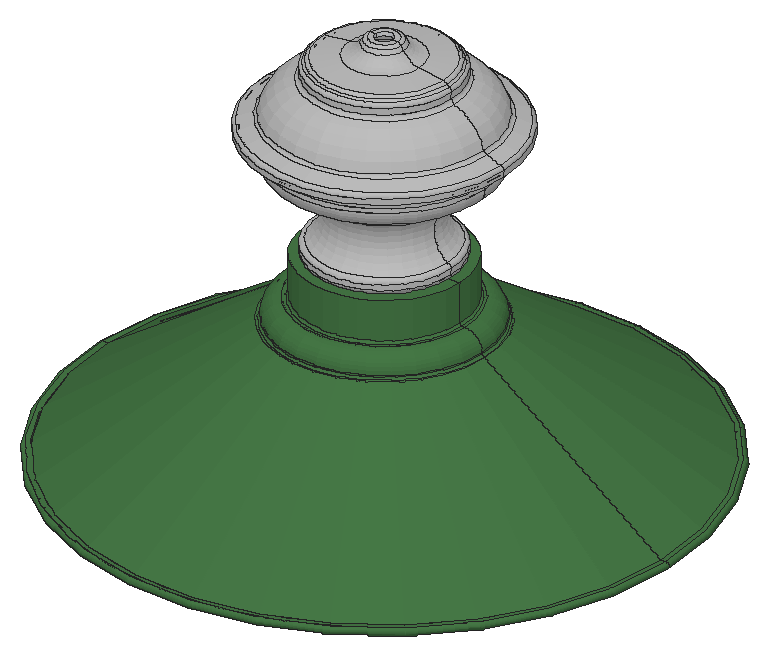
Revit family "B105 SHADE", category Lighting Fixtures, Revit 2024
Family settings
  Round Connector Dimension = Use Diameter
  Part Type = Normal
  OmniClass Number = 23.80.70.00
  OmniClass Title = Lighting
  Work Plane-Based = No
  Always vertical = Yes
  Cut with Voids When Loaded = No
  Light Source = Yes
  Maintain Annotation Orientation = No
  Shared = No
  Room Calculation Point = No
Parameters
  Wattage = 12.1178 W
  built-in parameter 1150110 = 1 (stored number, unit not read)
  built-in parameter 1114217 = 1 (stored number, unit not read)
  built-in parameter 1150109 = 1 (stored number, unit not read)
  built-in parameter 1150134 = (empty or 0)
  built-in parameter 1150113 = 1 (stored number, unit not read)
  Lumens = 1800 lm
  built-in parameter 1150115 = 1 (stored number, unit not read)
  built-in parameter 1150105 = 572.96 (stored number, unit not read)
  Light Source Symbol Size = 2' - 0"
  built-in parameter 1150137 = (empty or 0)
  built-in parameter 1150139 = (empty or 0)
  built-in parameter 1150112 = 1 (stored number, unit not read)
  built-in parameter 1150114 = 1 (stored number, unit not read)
  built-in parameter 1150132 = 2
  built-in parameter 1150102 = (empty or 0)
  built-in parameter 1150138 = (empty or 0)
  built-in parameter 1150107 = 3000 (stored number, unit not read)
  built-in parameter 1150106 = 5.7296 (stored number, unit not read)
  built-in parameter 1150104 = 13.8 (stored number, unit not read)
  Dimming Lamp Color Temperature Shift = (empty or 0)
  Default Elevation = 0' - 0"
  Color Filter = 16777215
  built-in parameter 1114218 = 1 (stored number, unit not read)
  built-in parameter 1150133 = 10 (stored number, unit not read)
Reference planes (in)
  plane 1 "Light Source Axis (F/B)": y = 0
  plane 2: z = 0
  plane 3 "Light Source Axis (L/R)": x = 0
  plane 4 "Light Source Elevation": z = 54
Forms (in)
  Revolve 1, solid
    sketch origin (0, 0, 1.25) x (1, 0, 0) y (0, 0, 1)
      loop
        arc (-2, 58.375) -> (-1.96339, 58.28661) -> (-1.875, 58.25) r 0.125
        line (-1.875, 58.25) -> (-0.25, 58.25) -> (-0.25, 58.34375) -> (-1.875, 58.34375)
        arc (-1.875, 58.34375) -> (-1.8971, 58.3529) -> (-1.90625, 58.375) r 0.03125
        line (-1.90625, 58.375) -> (-1.90625, 58.525)
        arc (-1.90625, 58.525) -> (-1.8888, 58.55304) -> (-1.85593, 58.54976) r 0.03125
        arc (-1.85593, 58.54976) -> (-1.4062, 59.36907) -> (-1.846, 60.19375) r 0.98199
        line (-1.846, 60.19375) -> (-1.91708, 60.19375)
        arc (-1.91708, 60.19375) -> (-1.93602, 60.20015) -> (-1.94721, 60.21672) r 0.03125
        arc (-1.94721, 60.21672) -> (-2.16544, 60.49052) -> (-2.5, 60.59375) r 0.59375
        arc (-2.5, 60.59375) -> (-2.78726, 60.71274) -> (-2.90625, 61) r 0.40625
        line (-2.90625, 61) -> (-2.90625, 61.125)
        arc (-2.90625, 61.125) -> (-3.04354, 61.45646) -> (-3.375, 61.59375) r 0.46875
        arc (-3.375, 61.59375) -> (-3.39892, 61.60489) -> (-3.40579, 61.63036) r 0.03125
        line (-3.40579, 61.63036) -> (-3.46875, 61.63036) -> (-3.46875, 61.6969)
        arc (-3.46875, 61.6969) -> (-3.46289, 61.71512) -> (-3.4475, 61.7265) r 0.03125
        line (-3.4475, 61.7265) -> (-3.03457, 61.86598)
        arc (-3.03457, 61.86598) -> (-2.9457, 61.92286) -> (-2.89379, 62.01472) r 0.21875
        arc (-2.89379, 62.01472) -> (-2.58736, 62.54624) -> (-2.06221, 62.86345) r 1.22923
        arc (-2.06221, 62.86345) -> (-1.94952, 62.94239) -> (-1.90625, 63.07299) r 0.21875
        line (-1.90625, 63.07299) -> (-1.90625, 63.24682)
        arc (-1.90625, 63.24682) -> (-1.90109, 63.26403) -> (-1.88731, 63.27555) r 0.03125
        arc (-1.88731, 63.27555) -> (-1.8235, 63.31737) -> (-1.77793, 63.37856) r 0.21875
        arc (-1.77793, 63.37856) -> (-1.76784, 63.39021) -> (-1.7534, 63.39562) r 0.03125
        line (-1.7534, 63.39562) -> (-1.02603, 63.47525)
        arc (-1.02603, 63.47525) -> (-0.71457, 63.58579) -> (-0.48551, 63.82401) r 0.71875
        line (-0.48551, 63.82401) -> (-0.42433, 63.92751)
        arc (-0.42433, 63.92751) -> (-0.41292, 63.93875) -> (-0.39743, 63.94286) r 0.03125
        line (-0.39743, 63.94286) -> (-0.25, 63.94286) -> (-0.25, 64.03661) -> (-0.39743, 64.03661)
        arc (-0.39743, 64.03661) -> (-0.45938, 64.02018) -> (-0.50504, 63.97522) r 0.125
        line (-0.50504, 63.97522) -> (-0.56621, 63.87172)
        arc (-0.56621, 63.87172) -> (-0.7654, 63.66457) -> (-1.03623, 63.56845) r 0.625
        line (-1.03623, 63.56845) -> (-1.7636, 63.48881)
        arc (-1.7636, 63.48881) -> (-1.82135, 63.46718) -> (-1.86174, 63.42058) r 0.125
        arc (-1.86174, 63.42058) -> (-1.88778, 63.38562) -> (-1.92424, 63.36172) r 0.125
        arc (-1.92424, 63.36172) -> (-1.97935, 63.31564) -> (-2, 63.24682) r 0.125
        line (-2, 63.24682) -> (-2, 63.07299)
        arc (-2, 63.07299) -> (-2.02472, 62.99836) -> (-2.08912, 62.95325) r 0.125
        arc (-2.08912, 62.95325) -> (-2.65433, 62.61185) -> (-2.98413, 62.0398) r 1.32298
        arc (-2.98413, 62.0398) -> (-3.01379, 61.9873) -> (-3.06457, 61.9548) r 0.125
        line (-3.06457, 61.9548) -> (-3.4775, 61.81532)
        arc (-3.4775, 61.81532) -> (-3.53905, 61.76978) -> (-3.5625, 61.6969) r 0.125
        line (-3.5625, 61.6969) -> (-3.5625, 61.53661) -> (-3.46339, 61.53661)
        arc (-3.46339, 61.53661) -> (-3.42284, 61.50952) -> (-3.375, 61.5) r 0.125
        arc (-3.375, 61.5) -> (-3.10983, 61.39017) -> (-3, 61.125) r 0.375
        line (-3, 61.125) -> (-3, 61)
        arc (-3, 61) -> (-2.85355, 60.64645) -> (-2.5, 60.5) r 0.5
        arc (-2.5, 60.5) -> (-2.21955, 60.41394) -> (-2.03564, 60.18539) r 0.5
        arc (-2.03564, 60.18539) -> (-1.99013, 60.12357) -> (-1.91708, 60.1) r 0.125
        line (-1.91708, 60.1) -> (-1.875, 60.1)
        arc (-1.875, 60.1) -> (-1.49993, 59.375) -> (-1.875, 58.65) r 0.88824
        arc (-1.875, 58.65) -> (-1.96339, 58.61339) -> (-2, 58.525) r 0.125
        line (-2, 58.525) -> (-2, 58.375)
      axis (0, 64.03661) -> (0, 58.25)
    angle from 0 to 360
  Revolve 2, solid
    sketch origin (0, 0, 0) x (1, 0, 0) y (0, 0, 1)
      loop
        line (-0.25, 59.5) -> (-2.25, 59.5) -> (-2.25, 58.4225)
        arc (-2.25, 58.4225) -> (-2.26831, 58.37831) -> (-2.3125, 58.36) r 0.0625
        line (-2.3125, 58.36) -> (-2.41, 58.36)
        arc (-2.41, 58.36) -> (-2.76355, 58.21355) -> (-2.91, 57.86) r 0.5
        line (-2.91, 57.86) -> (-2.91, 57.8225)
        arc (-2.91, 57.8225) -> (-2.92879, 57.77783) -> (-2.97386, 57.76001) r 0.0625
        arc (-2.97386, 57.76001) -> (-2.99496, 57.75908) -> (-3.01455, 57.75118) r 0.0625
        line (-3.01455, 57.75118) -> (-8.2525, 54.2) -> (-8.4, 54.2)
        arc (-8.4, 54.2) -> (-8.46847, 54.02711) -> (-8.3002, 54.10625) r 0.1
        line (-8.3002, 54.10625) -> (-8.22372, 54.10625) -> (-2.97275, 57.66625)
        arc (-2.97275, 57.66625) -> (-2.8621, 57.71192) -> (-2.81625, 57.8225) r 0.15625
        line (-2.81625, 57.8225) -> (-2.81625, 57.86)
        arc (-2.81625, 57.86) -> (-2.69726, 58.14726) -> (-2.41, 58.26625) r 0.40625
        line (-2.41, 58.26625) -> (-2.3125, 58.26625)
        arc (-2.3125, 58.26625) -> (-2.20201, 58.31201) -> (-2.15625, 58.4225) r 0.15625
        line (-2.15625, 58.4225) -> (-2.15625, 59.40625) -> (-0.25, 59.40625) -> (-0.25, 59.5)
      axis (0, 59.5) -> (0, 54.10625)
    angle from 0 to 360
Dimensions and locks (in)
  aligned and locked: plane 3 "Light Source Axis (L/R)" to imposter light
  aligned and locked: plane 1 "Light Source Axis (F/B)" to imposter light
  aligned and locked: plane 4 "Light Source Elevation" to imposter light
  aligned and locked: level to plane 2
